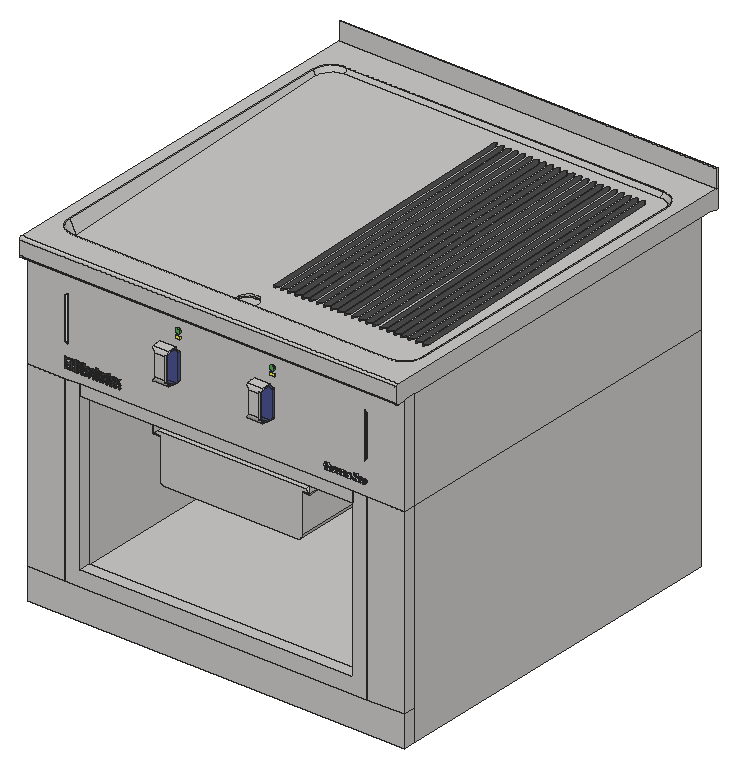
Revit family "QF_ELECTROLUXPROFESSIONAL_588676_MBHFGBHDPO", category Attrezzature speciali, Revit 2020
Family settings
  Quota connettore circolare = Usa diametro
  Tipo di parte = Normale
  Basato su piano di lavoro = No
  Sempre verticale = Sì
  Taglio con vuoti quando caricato = No
  Condiviso = No
  Punto di calcolo locali = No
Parameters (values of type "Standard")
  Weight = 145.00 kg
  Watts = 0 W
  Volts = 0 V
  URL Manufacturer = "https://www.electroluxprofessional.com/"
  URL = "https://www.electroluxprofessional.com/"
  Steam Supply Size = 0"
  Steam Supply Minimum Pressure = 0.00 psi
  Steam Supply Maximum Pressure = 0.00 psi
  Steam Consumption per Hour = 0
  Refrigeration Suction Line Size = 0 mm
  Refrigeration Liquid Line Size = 0 mm
  Refrigerant Compressor Remote = yes
  Prospetto di default = 0 mm
  Phase = 0
  Modello = "MBHFGBHDPO"
  Produttore = "Electrolux Professional"
  Length Actual = 800 mm  # constant formula
  Item Number = "588676"
  Hot Water Size = 0"
  Height Actual = 700 mm  # constant formula
  HP = "0 HP"
  Gas Size = 1/2"
  Gas KW = 20
  Gas Input Pressure = 0.672036 Btu/h
  Direct Waste Size = 0"
  Descrizione = "GAS FRYTOP,MIXED,1-S,BSPL,800X850X700H"
  Depth Actual = 850 mm  # constant formula
  Cycle = 0 Hz
  Condensate Return Size = 0"
  Compressed Air Volume = 0 GPM
  Compressed Air Size = 0"
  Compressed Air Pressure = 0.00 psi
  Cold Water Size = 0"
  Accessory = yes
Reference planes
  plane 1 "BACK": y = 0
  plane 2: z = 0
  plane 3 "LEFT": x = 0
  plane 4 "RIGHT": x = 800
  plane 5 "FRONT": y = -850
  plane 6 "TOP": z = 900
  plane 7 "Center (Left/Right)": x = 400
  plane 8 "Center (Front/Back)": y = -425
  plane 9: y = -150
  plane 10: y = -65
  plane 11: y = -790
  plane 12 "EIY": y = -635
  plane 13: z = 938
  plane 14 "BaseTop": z = 650
  plane 15: y = -805
  plane 16 "Camino": y = -50
  plane 17 "EIx": x = 755
  plane 18: z = 1131
  plane 19 "PlaneRibbed": through (-6096, -65, 890) normal (0, -0.0251, 0.9997)
  plane 20 "Base": z = 200
Forms (mm)
  Extrusion 1, solid, material "QF_Finishes_Stainless Steel"
    sketch origin (-178.969, -4572, 100) x (-1, 0, 0) y (0, -1, 0)
      loop
        line (-178.969, -4527) -> (-178.969, -3767) -> (-978.969, -3767) -> (-978.969, -4527) -> (-178.969, -4527)
    from 550 to 762.969
  Extrusion 2, solid, material "QF_Finishes_Stainless Steel"
    sketch origin (400, 296.4, 1219.2) x (0, 1, 0) y (0, 0, 1)
      loop
        line (-296.4, -319.2) -> (-1141.4, -319.2)
        arc (-1141.4, -319.2) -> (-1144.935, -320.664) -> (-1146.4, -324.2) r 5
        line (-1146.4, -324.2) -> (-1146.4, -355.2)
        arc (-1146.4, -355.2) -> (-1144.971, -358.264) -> (-1141.705, -359.139) r 4
        line (-1141.705, -359.139) -> (-1126.4, -356.231) -> (-316.4, -356.231) -> (-301.094, -359.139)
        arc (-301.094, -359.139) -> (-297.829, -358.264) -> (-296.4, -355.2) r 4
        line (-296.4, -355.2) -> (-296.4, -319.2)
    from -400 to 400
  Extrusion 3, void
    sketch origin (0, 0, 900) x (-1, 0, 0) y (0, -1, 0)
      loop
        arc (-65, 65) -> (-36.716, 76.716) -> (-25, 105) r 40
        line (-25, 105) -> (-25, 750)
        arc (-25, 750) -> (-36.716, 778.284) -> (-65, 790) r 40
        line (-65, 790) -> (-735, 790)
        arc (-735, 790) -> (-763.284, 778.284) -> (-775, 750) r 40
        line (-775, 750) -> (-775, 105)
        arc (-775, 105) -> (-763.284, 76.716) -> (-735, 65) r 40
        line (-735, 65) -> (-65, 65)
    from 0 to -30
  Extrusion 4, solid, material "QF_Finishes_Stainless Steel"
    sketch origin (400, 296.4, 1219.2) x (0, 1, 0) y (0, 0, 1)
      loop
        line (-296.4, -319.2) -> (-296.4, -281.2) -> (-298.4, -281.2) -> (-298.4, -319.2) -> (-296.4, -319.2)
    from 400 to -400
  Extrusion 5, solid, material "QF_Finishes_Stainless Steel"
    sketch origin (0, 0, 200) x (-1, 0, 0) y (0, -1, 0)
      loop
        circle (-755, 635) r 10.1
    from 0 to -10
  Sweep 6, solid, material "QF_Finishes_Stainless Steel"
    path origin (0, 0, 900) x (-1, 0, 0) y (0, -1, 0)
      loop
        line (-25, 105) -> (-25, 750)
        arc (-25, 750) -> (-36.716, 778.284) -> (-65, 790) r 40
        line (-65, 790) -> (-735, 790)
        arc (-735, 790) -> (-763.284, 778.284) -> (-775, 750) r 40
        line (-775, 750) -> (-775, 105)
        arc (-775, 105) -> (-763.284, 76.716) -> (-735, 65) r 40
        line (-735, 65) -> (-65, 65)
        arc (-65, 65) -> (-36.716, 76.716) -> (-25, 105) r 40
    profile origin (25, -427.5, 900) x (1, 0, 0) y (0, 0, 1)
      loop
        line (0, 0) -> (0, -30) -> (15, -30) -> (0, 0)
  Extrusion 7, void
    sketch origin (305.009, 0, 900) x (-1, 0, 0) y (0, -1, 0)
      loop
        circle (-94.991, 746) r 22.248
    from -32.282 to 0
  Extrusion 8, solid, material "QF_Finishes_Stainless Steel"
    sketch origin (400, 296.4, 1219.2) x (0, 1, 0) y (0, 0, 1)
      loop
        line (-1086.4, -349.2) -> (-361.4, -349.2) -> (-361.4, -329.2) -> (-1086.4, -347.399) -> (-1086.4, -349.2)
    from -375 to 375
  Extrusion 9, void
    sketch origin (290.252, 20, 900) x (-1, 0, 0) y (0, -1, 0)
      loop
        circle (-109.748, 765.667) r 22.248
    from -32.282 to 0
  Extrusion 10, solid, material "QF_Finishes_Stainless Steel"
    sketch origin (0, -425, 0) x (-1, 0, 0) y (0, 0, 1)
      loop
        line (-264.372, 616.232) -> (-236.622, 616.232)
        arc (-236.622, 616.232) -> (-235.738, 615.866) -> (-235.372, 614.982) r 1.25
        line (-235.372, 614.982) -> (-235.372, 584.482)
        arc (-235.372, 584.482) -> (-235.738, 583.598) -> (-236.622, 583.232) r 1.25
        line (-236.622, 583.232) -> (-249.372, 583.232) -> (-249.372, 582.232) -> (-236.622, 582.232)
        arc (-236.622, 582.232) -> (-235.031, 582.891) -> (-234.372, 584.482) r 2.25
        line (-234.372, 584.482) -> (-234.372, 614.982)
        arc (-234.372, 614.982) -> (-235.031, 616.573) -> (-236.622, 617.232) r 2.25
        line (-236.622, 617.232) -> (-264.372, 617.232) -> (-264.372, 616.232)
      loop
        line (-537.372, 616.232) -> (-537.372, 617.232) -> (-565.122, 617.232)
        arc (-565.122, 617.232) -> (-566.713, 616.573) -> (-567.372, 614.982) r 2.25
        line (-567.372, 614.982) -> (-567.372, 584.482)
        arc (-567.372, 584.482) -> (-566.713, 582.891) -> (-565.122, 582.232) r 2.25
        line (-565.122, 582.232) -> (-552.372, 582.232) -> (-552.372, 583.232) -> (-565.122, 583.232)
        arc (-565.122, 583.232) -> (-566.006, 583.598) -> (-566.372, 584.482) r 1.25
        line (-566.372, 584.482) -> (-566.372, 614.982)
        arc (-566.372, 614.982) -> (-566.006, 615.866) -> (-565.122, 616.232) r 1.25
        line (-565.122, 616.232) -> (-537.372, 616.232)
    from -365 to 360
  Extrusion 11, solid, material "QF_Finishes_Stainless Steel"
    sketch origin (0, -425, 0) x (-1, 0, 0) y (0, 0, 1)
      loop
        line (-249.872, 583.232) -> (-238.372, 583.232) -> (-238.372, 584.232) -> (-244.372, 590.232) -> (-557.372, 590.232) -> (-563.372, 584.232) -> (-563.372, 583.232) -> (-551.872, 583.232) -> (-551.872, 501.232)
        arc (-551.872, 501.232) -> (-548.65, 493.454) -> (-540.872, 490.232) r 11
        line (-540.872, 490.232) -> (-260.872, 490.232)
        arc (-260.872, 490.232) -> (-253.094, 493.454) -> (-249.872, 501.232) r 11
        line (-249.872, 501.232) -> (-249.872, 583.232)
    from -365 to 360
  Extrusion 12, void
    sketch origin (0, -425, 0) x (-1, 0, 0) y (0, 0, 1)
      loop
        line (-254.872, 501.232) -> (-254.872, 590.232) -> (-546.872, 590.232) -> (-546.872, 506.232)
        arc (-546.872, 506.232) -> (-543.65, 498.454) -> (-535.872, 495.232) r 11
        line (-535.872, 495.232) -> (-260.872, 495.232)
        arc (-260.872, 495.232) -> (-256.629, 496.99) -> (-254.872, 501.232) r 6
    from -350 to 355
  Extrusion 13, solid, material "QF_Finishes_Stainless Steel"
    sketch origin (0, -425, 0) x (-1, 0, 0) y (0, 0, 1)
      loop
        line (-690, 617.232) -> (-109.949, 617.232) -> (-109.949, 627) -> (-690, 627) -> (-690, 617.232)
    from -365 to -351.075
Cuts and joins
  Extrusion 3, Extrusion 7, Extrusion 9 cuts Extrusion 2
  Extrusion 9 cuts Sweep 6
  Extrusion 9 cuts Extrusion 8
  joined: Sweep 6, Extrusion 8
  Extrusion 12 cuts Extrusion 11
Lines and regions (mm)
  symbolic lines
    curve 1: line (0, 0, 100) -> (800, 0, 100)
    curve 2: line (0, -850, 100) -> (0, 0, 100)
    curve 3: line (800, -850, 100) -> (0, -850, 100)
    curve 4: line (800, 0, 100) -> (800, -850, 100)
    curve 5: line (0, -2, 0) -> (800, -2, 0)
    curve 6: line (734.029, -65, 0) -> (65.29, -65, 0)
    curve 7: line (65.29, -790, 0) -> (734.029, -790, 0)
    curve 8: line (65, -80, 900) -> (735, -80, 900)
    curve 9: line (735, -775, 900) -> (65, -775, 900)
    curve 10: arc (760, -750, 900) -> (752.678, -767.678, 900) -> (735, -775, 900) r 25
    curve 11: line (760, -105, 900) -> (760, -750, 900)
    curve 12: arc (735, -80, 900) -> (752.678, -87.322, 900) -> (760, -105, 900) r 25
    curve 13: circle (400, -746, 900) r 22.248 normal (0, 0, 1)
    curve 14: arc (90.5, -85.483, 900) -> (62.314, -97.096, 900) -> (50.5, -125.198, 900) r 39.994
    curve 15: line (90.5, -85.482, 900) -> (710.5, -85.482, 900)
    curve 16: line (50.5, -662.082, 900) -> (50.5, -125.198, 900)
    curve 17: arc (50.5, -662.082, 900) -> (62.314, -690.184, 900) -> (90.5, -701.797, 900) r 39.994
    curve 18: line (710.5, -701.798, 900) -> (90.5, -701.798, 900)
    curve 19: line (40.29, -708.526, 900) -> (760, -708.526, 900)
    curve 20: line (40.29, -718.526, 900) -> (760, -718.526, 900)
    curve 21: arc (65, -65, 900) -> (36.716, -76.716, 900) -> (25, -105, 900) r 40
    curve 22: line (25, -105, 900) -> (25, -750, 900)
    curve 23: arc (25, -750, 900) -> (36.716, -778.284, 900) -> (65, -790, 900) r 40
    curve 24: arc (735, -790, 900) -> (763.284, -778.284, 900) -> (775, -750, 900) r 40
    curve 25: line (775, -750, 900) -> (775, -105, 900)
    curve 26: arc (775, -105, 900) -> (763.284, -76.716, 900) -> (735, -65, 900) r 40
    curve 27: arc (709.5, -85.483, 900) -> (737.686, -97.096, 900) -> (749.5, -125.198, 900) r 39.994
    curve 28: line (749.5, -662.082, 900) -> (749.5, -125.198, 900)
    curve 29: arc (749.5, -662.082, 900) -> (737.686, -690.184, 900) -> (709.5, -701.797, 900) r 39.994
    curve 30: arc (65, -775, 900) -> (47.322, -767.678, 900) -> (40, -750, 900) r 25
    curve 31: line (40, -750, 900) -> (40, -105, 900)
    curve 32: arc (40, -105, 900) -> (47.322, -87.322, 900) -> (65, -80, 900) r 25
Dimensions and locks
  plane 3 "LEFT" to plane 4 "RIGHT" = 800 mm
  locked: plane 5 "FRONT" to plane 1 "BACK" at 850
  plane 3 "LEFT" to plane 7 "Center (Left/Right)" to plane 4 "RIGHT" = 400 mm, 400 mm
  equal spacing: plane 5 "FRONT", plane 8 "Center (Front/Back)", plane 1 "BACK"
  plane 6 "TOP" to level = 900 mm  (x2)
  plane 1 "BACK" to plane 9 = 150 mm
  plane 12 "EIY" to plane 1 "BACK" = 635 mm
  plane 13 to plane 6 "TOP" = 38 mm
  plane 10 to plane 1 "BACK" = 65 mm
  plane 5 "FRONT" to plane 11 = 60 mm
  locked: plane 6 "TOP" to plane 14 "BaseTop" at 250
  locked: plane 15 to plane 5 "FRONT" at 45
  plane 16 "Camino" to plane 1 "BACK" = 50 mm
  plane 17 "EIx" to plane 4 "RIGHT" = 45 mm
  plane 18 to plane 6 "TOP" = 231 mm
  plane 20 "Base" to level = 200 mm
  aligned and locked: level to plane 2
  aligned and locked: cut or joined group of Extrusion 2, Extrusion 3, Extrusion 7, Extrusion 9 to plane 3 "LEFT"
  aligned and locked: cut or joined group of Extrusion 2, Extrusion 3, Extrusion 7, Extrusion 9 to plane 4 "RIGHT"
  aligned and locked: nested 1 to plane 15
  aligned and locked: Extrusion 1 to plane 15
  aligned and locked: Extrusion 4 to plane 3 "LEFT"
  aligned and locked: Extrusion 4 to plane 4 "RIGHT"
  aligned and locked: plane 3 "LEFT" to nested 1
  aligned and locked: Extrusion 1 to nested 24
Automatic sketch dimensions
  curve 5 to plane 3 "LEFT" = 0 mm
  plane 10 to curve 6 = 0 mm
  plane 11 to curve 7 = 0 mm
  curve 5 to plane 4 "RIGHT" = 0 mm
  plane 3 "LEFT" to curve 6 = 65.29 mm
  plane 3 "LEFT" to curve 7 = 65.29 mm
  curve 6 to plane 17 "EIx" = 20.971 mm
  curve 7 to plane 17 "EIx" = 20.971 mm
  plane 1 "BACK" to curve 5 = 2 mm
  Extrusion 1 sketch curve to plane 4 "RIGHT" = 0 mm
  Extrusion 1 sketch curve to plane 3 "LEFT" = 0 mm
  Extrusion 1 sketch curve to plane 15 = 0 mm
  Extrusion 1 sketch curve to plane 16 "Camino" = 5 mm
  plane 1 "BACK" to curve 1 = 0 mm
  curve 1 to plane 4 "RIGHT" = 0 mm
  curve 3 to plane 3 "LEFT" = 0 mm
  plane 5 "FRONT" to curve 3 = 0 mm
  Extrusion 2 sketch curve to plane 5 "FRONT" = 0 mm
  Extrusion 2 sketch curve to plane 6 "TOP" = 0 mm
  Extrusion 2 sketch curve to plane 1 "BACK" = 0 mm
  Extrusion 2 sketch curve to Extrusion 2 sketch curve = 4 mm
  Extrusion 2 sketch curve to Extrusion 2 sketch curve = 0.695 mm
  Extrusion 2 sketch curve to plane 5 "FRONT" = 5 mm
  Extrusion 2 sketch curve to Extrusion 2 sketch curve = 15.305 mm
  plane 1 "BACK" to Extrusion 2 sketch curve = 20 mm
  plane 1 "BACK" to Extrusion 2 sketch curve = 4.695 mm
  plane 1 "BACK" to Extrusion 2 sketch curve = 4 mm
  Extrusion 2 sketch curve to Extrusion 2 sketch curve = 31 mm
  Extrusion 2 sketch curve to Extrusion 2 sketch curve = 36 mm
  Extrusion 2 sketch curve to Extrusion 2 sketch curve = 2.909 mm
  plane 11 to Extrusion 3 sketch curve = 0 mm
  plane 10 to Extrusion 3 sketch curve = 0 mm
  plane 17 "EIx" to Extrusion 3 sketch curve = 20 mm
  Extrusion 3 sketch curve to plane 17 "EIx" = 20 mm  (x2)
  plane 3 "LEFT" to Extrusion 3 sketch curve = 65 mm  (x2)
  plane 10 to Extrusion 3 sketch curve = 40 mm
  curve 10 to curve 24 = 0 mm  (x2)
  curve 12 to curve 26 = 0 mm  (x2)
  curve 21 to curve 32 = 0 mm  (x2)
  curve 23 to curve 30 = 0 mm  (x2)
  plane 10 to curve 26 = 0 mm
  plane 11 to curve 24 = 0 mm
  curve 13 to plane 7 "Center (Left/Right)" = 0 mm
  plane 10 to curve 21 = 0 mm
  curve 29 to plane 17 "EIx" = 45.493 mm
  curve 27 to plane 17 "EIx" = 45.493 mm
  curve 12 to plane 17 "EIx" = 20 mm
  curve 24 to plane 17 "EIx" = 20 mm
  curve 28 to plane 17 "EIx" = 5.5 mm
  plane 17 "EIx" to curve 11 = 5 mm
  curve 25 to curve 11 = 15 mm
  curve 17 to plane 12 "EIY" = 26.803 mm
  plane 3 "LEFT" to curve 17 = 90.493 mm
  plane 9 to curve 14 = 24.523 mm
  plane 3 "LEFT" to curve 14 = 90.493 mm
  curve 14 to curve 21 = 25.493 mm
  curve 23 to plane 11 = 40 mm
  plane 3 "LEFT" to curve 23 = 65 mm
  curve 17 to curve 16 = 39.993 mm
  curve 31 to curve 16 = 20.198 mm
  curve 11 to curve 28 = 20.198 mm
  plane 9 to curve 27 = 24.523 mm
  curve 29 to plane 12 "EIY" = 26.803 mm
  curve 16 to plane 12 "EIY" = 27.082 mm
  curve 28 to plane 12 "EIY" = 27.082 mm
  curve 13 to plane 11 = 44 mm
  plane 10 to curve 27 = 20.483 mm
  curve 29 to curve 29 = 0.007 mm
  curve 18 to curve 29 = 1 mm
  curve 15 to curve 27 = 1 mm
  curve 18 to curve 17 = 0.007 mm
  curve 15 to curve 8 = 25.5 mm
  curve 15 to curve 14 = 0 mm
  curve 18 to curve 17 = 0 mm
  curve 20 to curve 30 = 0.29 mm
  curve 19 to curve 20 = 0 mm
  curve 15 to curve 14 = 0.001 mm
  curve 29 to curve 18 = 0.001 mm
  curve 19 to curve 30 = 41.474 mm
  curve 19 to curve 20 = 10 mm
  Extrusion 4 sketch curve to plane 6 "TOP" = 0 mm
  Extrusion 4 sketch curve to plane 13 = 0 mm
  Extrusion 4 sketch curve to plane 1 "BACK" = 0 mm
  Extrusion 4 sketch curve to Extrusion 4 sketch curve = 2 mm
  plane 10 to Sweep 6 sketch curve = 0 mm
  plane 11 to Sweep 6 sketch curve = 0 mm
  plane 17 "EIx" to Sweep 6 sketch curve = 20 mm
  Sweep 6 sketch curve to plane 17 "EIx" = 20 mm  (x2)
  plane 3 "LEFT" to Sweep 6 sketch curve = 65 mm  (x2)
  plane 3 "LEFT" to Sweep 6 sketch curve = 25 mm
  profile plane to Sweep 6 sketch curve = 0 mm
  Sweep 6 sketch curve to plane 6 "TOP" = 0 mm
  Sweep 6 sketch curve to profile plane = 15 mm
  Sweep 6 sketch curve to plane 6 "TOP" = 30 mm
  Extrusion 7 sketch curve to plane 7 "Center (Left/Right)" = 0 mm
  Extrusion 7 sketch curve to plane 11 = 44 mm
  Extrusion 7 sketch curve to plane 7 "Center (Left/Right)" = 12.288 mm
  Extrusion 7 sketch curve to Extrusion 7 sketch curve = 0 mm
  Extrusion 7 sketch curve to Extrusion 7 sketch curve = 18.547 mm
  plane 7 "Center (Left/Right)" to Extrusion 9 sketch curve = 0 mm
  Extrusion 9 sketch curve to plane 11 = 44.333 mm
  Extrusion 9 sketch curve to plane 7 "Center (Left/Right)" = 12.288 mm
  Extrusion 9 sketch curve to Extrusion 9 sketch curve = 0 mm
  Extrusion 9 sketch curve to Extrusion 9 sketch curve = 18.547 mm
  Extrusion 8 sketch curve to plane 11 = 0 mm
  Extrusion 8 sketch curve to plane 10 = 0 mm
  Extrusion 8 sketch curve to plane 6 "TOP" = 30 mm
  Extrusion 8 sketch curve to plane 6 "TOP" = 10 mm
  Extrusion 8 sketch curve to Extrusion 8 sketch curve = 1.801 mm
  plane 12 "EIY" to Extrusion 5 sketch curve = 0 mm
  Extrusion 5 sketch curve to plane 17 "EIx" = 0 mm
  Extrusion 10 sketch curve to Extrusion 10 sketch curve = 0 mm  (x8)
  Extrusion 10 sketch curve to plane 14 "BaseTop" = 35.018 mm
  plane 7 "Center (Left/Right)" to Extrusion 10 sketch curve = 167.372 mm
  Extrusion 10 sketch curve to Extrusion 10 sketch curve = 1 mm  (x2)
  Extrusion 10 sketch curve to Extrusion 10 sketch curve = 1.25 mm  (x3)
  Extrusion 10 sketch curve to Extrusion 10 sketch curve = 12.75 mm  (x2)
  Extrusion 10 sketch curve to Extrusion 10 sketch curve = 27.75 mm  (x2)
  Extrusion 10 sketch curve to plane 14 "BaseTop" = 33.768 mm
  Extrusion 10 sketch curve to plane 7 "Center (Left/Right)" = 135.628 mm
  Extrusion 10 sketch curve to Extrusion 10 sketch curve = 15 mm
  Extrusion 10 sketch curve to Extrusion 10 sketch curve = 30.5 mm  (x2)
  Extrusion 11 sketch curve to plane 14 "BaseTop" = 66.768 mm
  plane 7 "Center (Left/Right)" to Extrusion 11 sketch curve = 163.372 mm
  Extrusion 11 sketch curve to Extrusion 11 sketch curve = 11.5 mm
  Extrusion 11 sketch curve to Extrusion 11 sketch curve = 11 mm  (x2)
  Extrusion 11 sketch curve to plane 7 "Center (Left/Right)" = 139.128 mm
  Extrusion 11 sketch curve to Extrusion 11 sketch curve = 5.5 mm
  Extrusion 11 sketch curve to Extrusion 11 sketch curve = 6 mm  (x3)
  Extrusion 11 sketch curve to Extrusion 11 sketch curve = 82 mm
  Extrusion 11 sketch curve to Extrusion 11 sketch curve = 1 mm  (x2)
  Extrusion 11 sketch curve to plane 14 "BaseTop" = 59.768 mm
  plane 7 "Center (Left/Right)" to Extrusion 12 sketch curve = 146.872 mm
  Extrusion 12 sketch curve to Extrusion 12 sketch curve = 11 mm
  Extrusion 12 sketch curve to plane 7 "Center (Left/Right)" = 139.128 mm
  Extrusion 12 sketch curve to Extrusion 12 sketch curve = 6 mm
  Extrusion 12 sketch curve to plane 14 "BaseTop" = 154.768 mm
  Extrusion 12 sketch curve to plane 14 "BaseTop" = 59.768 mm
  Extrusion 13 sketch curve to plane 14 "BaseTop" = 23 mm
  plane 3 "LEFT" to Extrusion 13 sketch curve = 109.949 mm
  Extrusion 13 sketch curve to plane 17 "EIx" = 65 mm
  Extrusion 13 sketch curve to Extrusion 13 sketch curve = 9.768 mm
  radius of curve 13 = 22.248 mm
  radius of Extrusion 5 sketch curve = 10.1 mm
Nested families
  nested 1: "Front_Panel_W800_2 Knobs_2Spie" at (202.376, -805, 0), type "Front_Panel_W800_2 Knobs_2Spie"
  nested 2: "Rib_D12" at (662.5, -379.667, 882.101) x (-1, 0, 0) z (0, -0.0251, 0.9997), type "Rib_D12"
    with Show Clearance yes, Lenght 588 mm
  nested 3: "Rib_D12" at (647.5, -379.667, 882.101) x (-1, 0, 0) z (0, -0.0251, 0.9997), type "Rib_D12"
    with Show Clearance yes, Lenght 588 mm
  nested 4: "Rib_D12" at (632.5, -379.667, 882.101) x (-1, 0, 0) z (0, -0.0251, 0.9997), type "Rib_D12"
    with Show Clearance yes, Lenght 588 mm
  nested 5: "Rib_D12" at (617.5, -379.667, 882.101) x (-1, 0, 0) z (0, -0.0251, 0.9997), type "Rib_D12"
    with Show Clearance yes, Lenght 588 mm
  nested 6: "Rib_D12" at (602.5, -379.667, 882.101) x (-1, 0, 0) z (0, -0.0251, 0.9997), type "Rib_D12"
    with Show Clearance yes, Lenght 588 mm
  nested 7: "Rib_D12" at (587.5, -379.667, 882.101) x (-1, 0, 0) z (0, -0.0251, 0.9997), type "Rib_D12"
    with Show Clearance yes, Lenght 588 mm
  nested 8: "Rib_D12" at (572.5, -379.667, 882.101) x (-1, 0, 0) z (0, -0.0251, 0.9997), type "Rib_D12"
    with Show Clearance yes, Lenght 588 mm
  nested 9: "Rib_D12" at (557.5, -379.667, 882.101) x (-1, 0, 0) z (0, -0.0251, 0.9997), type "Rib_D12"
    with Show Clearance yes, Lenght 588 mm
  nested 10: "Rib_D12" at (542.5, -379.667, 882.101) x (-1, 0, 0) z (0, -0.0251, 0.9997), type "Rib_D12"
    with Show Clearance yes, Lenght 588 mm
  nested 11: "Rib_D12" at (527.5, -379.667, 882.101) x (-1, 0, 0) z (0, -0.0251, 0.9997), type "Rib_D12"
    with Show Clearance yes, Lenght 588 mm
  nested 12: "Rib_D12" at (512.5, -379.667, 882.101) x (-1, 0, 0) z (0, -0.0251, 0.9997), type "Rib_D12"
    with Show Clearance yes, Lenght 588 mm
  nested 13: "Rib_D12" at (497.5, -379.667, 882.101) x (-1, 0, 0) z (0, -0.0251, 0.9997), type "Rib_D12"
    with Show Clearance yes, Lenght 588 mm
  nested 14: "Rib_D12" at (722.5, -379.667, 882.101) x (-1, 0, 0) z (0, -0.0251, 0.9997), type "Rib_D12"
    with Show Clearance yes, Lenght 588 mm
  nested 15: "Rib_D12" at (707.5, -379.667, 882.101) x (-1, 0, 0) z (0, -0.0251, 0.9997), type "Rib_D12"
    with Show Clearance yes, Lenght 588 mm
  nested 16: "Rib_D12" at (692.5, -379.667, 882.101) x (-1, 0, 0) z (0, -0.0251, 0.9997), type "Rib_D12"
    with Show Clearance yes, Lenght 588 mm
  nested 17: "Rib_D12" at (677.5, -379.667, 882.101) x (-1, 0, 0) z (0, -0.0251, 0.9997), type "Rib_D12"
    with Show Clearance yes, Lenght 588 mm
  nested 18: "Rib_D12" at (482.5, -379.667, 882.101) x (-1, 0, 0) z (0, -0.0251, 0.9997), type "Rib_D12"
    with Show Clearance yes, Lenght 588 mm
  nested 19: "Rib_D12" at (467.5, -379.667, 882.101) x (-1, 0, 0) z (0, -0.0251, 0.9997), type "Rib_D12"
    with Show Clearance yes, Lenght 588 mm
  nested 20: "Rib_D12" at (452.5, -379.667, 882.101) x (-1, 0, 0) z (0, -0.0251, 0.9997), type "Rib_D12"
    with Show Clearance yes, Lenght 588 mm
  nested 21: "Rib_D12" at (437.5, -379.667, 882.101) x (-1, 0, 0) z (0, -0.0251, 0.9997), type "Rib_D12"
    with Show Clearance yes, Lenght 588 mm
  nested 22: "Rib_D12" at (422.5, -379.667, 882.101) x (-1, 0, 0) z (0, -0.0251, 0.9997), type "Rib_D12"
    with Show Clearance yes, Lenght 588 mm
  nested 23: "Rib_D12" at (407.5, -379.667, 882.101) x (-1, 0, 0) z (0, -0.0251, 0.9997), type "Rib_D12"
    with Show Clearance yes, Lenght 588 mm
  nested 24: "QF_ELECTROLUXPROFESSIONAL_588643_MB1NCAHOOO" at (0, 0, 0), type "QF_ELECTROLUXPROFESSIONAL_588643_MB1NCAHOOO"
    with Type Mark "", Specification by User "", Revision Code "", Item Number "", Installed By "", Identify Quantity as Lot yes, Furnished By "", Foodservice Equipment Identifier yes
Connectors
  electrical at (755, -635, 190)
    settings: on Extrusion 5, index 1, voltage 0 V, apparent load 0 VA, apparent load phase1 0 VA, apparent load phase2 0 VA, apparent load phase3 0 VA, power factor 1, load classification "Other", number of poles 1, system type 30, power factor state 1, is connector primary yes, connector utility no, sub classification motor no, connector description "Electrical Connection"
Definition of nested family "Front_Panel_W800_2 Knobs_2Spie"
  Parameters
    Default Elevation = 0 mm
  Reference planes
    plane 1 "Center (Front/Back)": y = 0
    plane 2: z = 0
    plane 3 "Center (Left/Right)": x = 197.624
    plane 4 "Left": x = -202.376
    plane 5 "Right": x = 597.624
    plane 6: y = -45
    plane 7: x = 97.624
    plane 8 "Panel": y = -25
    plane 9: x = 517.624
    plane 10: x = -122.376
    plane 11: x = 297.624
  Forms (mm)
    Extrusion 1, solid
      sketch origin (833.217, 829.203, -1.25) x (0, 1, 0) y (0, 0, 1)
        loop
          line (-854.203, 651.25) -> (-829.203, 651.25) -> (-829.203, 864.25) -> (-854.203, 864.25) -> (-854.203, 651.25)
      from -1035.593 to -235.593
    Extrusion 2, void
      sketch origin (0, -25, -10) x (0, 0, 1) y (-1, 0, 0)
        loop
          line (731.866, 122.376) -> (726.866, 117.376) -> (823.866, 117.376) -> (818.866, 122.376) -> (731.866, 122.376)
        loop
          line (731.866, -517.624) -> (818.866, -517.624) -> (823.866, -512.624) -> (726.866, -512.624) -> (731.866, -517.624)
      from 0 to -2
    Extrusion 3, solid
      sketch origin (160, -25, 1.163) x (0, 0, 1) y (-1, 0, 0)
        loop
          circle (824.337, 42.376) r 5
      from 0 to 1.7
    Extrusion 4, solid
      sketch origin (330.497, -25, 1.163) x (0, 0, 1) y (-1, 0, 0)
        loop
          circle (824.337, 12.376) r 5
      from 0 to 1.7
    Extrusion 5, solid
      sketch origin (0, -25, -10) x (0, 0, 1) y (-1, 0, 0)
        loop
          line (731.866, 122.376) -> (726.866, 117.376) -> (823.866, 117.376) -> (818.866, 122.376) -> (731.866, 122.376)
        loop
          line (726.866, -512.624) -> (731.866, -517.624) -> (818.866, -517.624) -> (823.866, -512.624) -> (726.866, -512.624)
      from -2 to 0
    Extrusion 6, solid
      sketch origin (160, -25, -13.837) x (0, 0, 1) y (-1, 0, 0)
        loop
          line (829.337, 37.376) -> (829.337, 47.376) -> (824.337, 47.376) -> (824.337, 37.376) -> (829.337, 37.376)
      from 0 to 1.7
    Extrusion 7, solid
      sketch origin (360, -25, -13.837) x (0, 0, 1) y (-1, 0, 0)
        loop
          line (829.337, 37.376) -> (829.337, 47.376) -> (824.337, 47.376) -> (824.337, 37.376) -> (829.337, 37.376)
      from 0 to 1.7
  Cuts and joins
    Extrusion 2 cuts Extrusion 1
  Dimensions and locks
    equal spacing: plane 5 "Right", plane 3 "Center (Left/Right)", plane 4 "Left"
    plane 5 "Right" to plane 4 "Left" = 800 mm
    plane 3 "Center (Left/Right)" to plane 7 = 100 mm
    plane 11 to plane 3 "Center (Left/Right)" = 100 mm
    aligned and locked: cut or joined group of Extrusion 1, Extrusion 2 to plane 4 "Left"
    aligned and locked: plane 5 "Right" to cut or joined group of Extrusion 1, Extrusion 2
  Automatic sketch dimensions
    Extrusion 1 sketch curve to plane 8 "Panel" = 0 mm
    Extrusion 1 sketch curve to plane 1 "Center (Front/Back)" = 0 mm
    level to Extrusion 1 sketch curve = 650 mm
    Extrusion 1 sketch curve to Extrusion 1 sketch curve = 213 mm
    Extrusion 2 sketch curve to plane 10 = 0 mm
    Extrusion 2 sketch curve to plane 9 = 0 mm
    Extrusion 2 sketch curve to plane 9 = 5 mm
    level to Extrusion 2 sketch curve = 716.866 mm
    plane 10 to Extrusion 2 sketch curve = 5 mm
    Extrusion 2 sketch curve to Extrusion 2 sketch curve = 0 mm
    Extrusion 2 sketch curve to Extrusion 2 sketch curve = 5 mm  (x4)
    Extrusion 2 sketch curve to Extrusion 2 sketch curve = 87 mm  (x2)
    plane 7 to Extrusion 3 sketch curve = 20 mm
    level to Extrusion 3 sketch curve = 825.5 mm
    plane 11 to Extrusion 4 sketch curve = 20.497 mm
    level to Extrusion 4 sketch curve = 825.5 mm
    Extrusion 5 sketch curve to plane 10 = 0 mm
    Extrusion 5 sketch curve to plane 9 = 0 mm
    Extrusion 5 sketch curve to plane 9 = 5 mm
    level to Extrusion 5 sketch curve = 716.866 mm
    plane 10 to Extrusion 5 sketch curve = 5 mm
    Extrusion 5 sketch curve to Extrusion 5 sketch curve = 0 mm
    Extrusion 5 sketch curve to Extrusion 5 sketch curve = 5 mm  (x4)
    Extrusion 5 sketch curve to Extrusion 5 sketch curve = 87 mm  (x2)
    plane 7 to Extrusion 6 sketch curve = 25 mm
    level to Extrusion 6 sketch curve = 810.5 mm
    Extrusion 6 sketch curve to Extrusion 6 sketch curve = 5 mm
    Extrusion 6 sketch curve to Extrusion 6 sketch curve = 10 mm
    plane 11 to Extrusion 7 sketch curve = 25 mm
    level to Extrusion 7 sketch curve = 810.5 mm
    Extrusion 7 sketch curve to Extrusion 7 sketch curve = 5 mm
    Extrusion 7 sketch curve to Extrusion 7 sketch curve = 10 mm
    radius of Extrusion 3 sketch curve = 5 mm
    radius of Extrusion 4 sketch curve = 5 mm
  Nested families
    nested 1: "Range Control Handle" at (97.851, -28.137, -209.113) x (-1, 0, 0) z (0, 0, 1), type "Range Control Handle"
    nested 2: "Range Control Handle" at (297.398, -28.137, -209.113), type "Range Control Handle"
    nested 3: "ELX_ThermaLine_Small" at (468.838, -25, 679.426) x (1, 0, 0) z (0, -1, 0), type "ELX_ThermaLine_Small"
      with Show Logo yes, Material_Logo none
    nested 4: "ELX_Professional_Logo_Small" at (-62.89, -25, 681.659) x (1, 0, 0) z (0, -1, 0), type "ELX_Professional_Logo_Small"
      with Show Logo yes, Material_Logo none
  Definition of nested family "Range Control Handle"
    Parameters
      Default Elevation = 0 mm
    Reference planes
      plane 1 "Center (Front/Back)": y = 0
      plane 2: z = 0
      plane 3 "Center (Left/Right)": x = 0
      plane 4: z = 971.092
      plane 5: y = -16.9
    Forms (mm)
      Extrusion 1, solid
        sketch origin (-746.28, 380.497, 208.931) x (-1, 0, 0) y (0, 0, 1)
          loop
            line (-770.101, 786.798) -> (-770.101, 731.649)
            arc (-770.101, 731.649) -> (-769.759, 730.563) -> (-768.855, 729.87) r 1.893
            line (-768.855, 729.87) -> (-763.474, 727.911) -> (-729.81, 727.911) -> (-724.428, 729.87)
            arc (-724.428, 729.87) -> (-723.525, 730.563) -> (-723.183, 731.649) r 1.893
            line (-723.183, 731.649) -> (-723.183, 786.798)
            arc (-723.183, 786.798) -> (-723.529, 787.894) -> (-724.44, 788.593) r 1.91
            line (-724.44, 788.593) -> (-729.683, 790.819) -> (-763.601, 790.819) -> (-768.844, 788.593)
            arc (-768.844, 788.593) -> (-769.755, 787.894) -> (-770.101, 786.798) r 1.91
        from -382.35 to -378.852
      Sweep 2, solid
        path origin (-746.788, 380.496, 208.091) x (0, -1, 0) y (0, 0, 1)
          loop
            line (379.775, 793.281) -> (395.661, 791.048)
            arc (395.661, 791.048) -> (397.781, 787.377) -> (398.517, 783.202) r 12.207
            line (398.517, 783.202) -> (398.517, 737.368)
            arc (398.517, 737.368) -> (397.781, 733.193) -> (395.661, 729.522) r 12.207
            line (395.661, 729.522) -> (379.775, 727.289)
        profile origin (-746.788, -7.222, 1000.256) x (0, -0.139173, 0.990268) y (-1, 0, 0)
          loop
            line (0.782, -763.123) -> (0.782, -730.907) -> (-1.322, -730.907) -> (-1.322, -763.123) -> (0.782, -763.123)
      Sweep 3, solid
        path origin (-746.788, 380.715, 207.832) x (0, -1, 0) y (0, 0, 1)
          loop
            line (380.478, 795.442) -> (397.218, 793.09)
            arc (397.218, 793.09) -> (399.929, 788.473) -> (400.871, 783.202) r 15.207
            line (400.871, 783.202) -> (400.871, 737.584)
            arc (400.871, 737.584) -> (399.914, 732.274) -> (397.164, 727.633) r 15.207
            line (397.164, 727.633) -> (380.601, 725.305)
        profile origin (-746.788, -8.132, 1002.099) x (0, -0.139173, 0.990268) y (-1, 0, 0)
          loop
            line (0.782, -763.123) -> (0.782, -730.907) -> (-1.322, -730.907) -> (-1.322, -763.123) -> (0.782, -763.123)
      Extrusion 4, void
        sketch origin (889.253, 220.666, 207.993) x (1, 0, 0) y (0, 0, 1)
          loop
            line (-943.038, 816.854) -> (-943.038, 703.686) -> (-899.466, 734.196) -> (-899.466, 786.344) -> (-943.038, 816.854)
        from 230.636 to 242.25
      Extrusion 5, void
        sketch origin (-888.8, 220.666, 207.993) x (-1, 0, 0) y (0, 0, -1)
          loop
            line (-943.038, -816.854) -> (-899.466, -786.344) -> (-899.466, -734.196) -> (-943.038, -703.686) -> (-943.038, -816.854)
        from 230.636 to 242.25
      Extrusion 6, solid
        sketch origin (0, 0, 0) x (1, 0, 0) y (0, 0, 1)
          loop
            circle (0, 971.092) r 7.736
        from -3.137 to -1.645
    Cuts and joins
      Extrusion 4, Extrusion 5 cuts Sweep 3
      Extrusion 4, Extrusion 5 cuts Sweep 2
      joined: Extrusion 1, Extrusion 6
    Lines and regions (mm)
      symbolic lines
        curve 1: line (16.334, -16.9, 0) -> (16.334, -19.227, 0)
        curve 2: spline (16.334, -19.227, 0) -> (15.87, -19.385, 0) -> (15.404, -19.536, 0) -> (14.936, -19.678, 0) -> (14.466, -19.813, 0) -> (13.995, -19.94, 0) -> (13.523, -20.059, 0) -> (13.049, -20.171, 0) -> (12.575, -20.274, 0) -> (12.099, -20.37, 0) -> (11.622, -20.458, 0) -> (11.144, -20.537, 0) -> (10.666, -20.609, 0)
        curve 3: line (10.666, -16.9, 0) -> (10.666, -20.938, 0)
        curve 4: line (-10.213, -20.938, 0) -> (10.666, -20.938, 0)
        curve 5: line (-10.213, -20.938, 0) -> (-10.213, -16.9, 0)
        curve 6: spline (-10.213, -20.609, 0) -> (-10.691, -20.537, 0) -> (-11.169, -20.458, 0) -> (-11.646, -20.37, 0) -> (-12.122, -20.274, 0) -> (-12.597, -20.171, 0) -> (-13.07, -20.059, 0) -> (-13.542, -19.94, 0) -> (-14.013, -19.813, 0) -> (-14.483, -19.678, 0) -> (-14.951, -19.536, 0) -> (-15.417, -19.385, 0) -> (-15.881, -19.227, 0)
        curve 7: line (-15.881, -19.227, 0) -> (-15.881, -16.9, 0)
  Definition of nested family "ELX_ThermaLine_Small"
    Parameters
      Show Logo [instance] = yes
      Material_Logo [instance] = none
      Default Elevation = 0 mm
    Reference planes
      plane 1 "Centro (Fronte/Retro)": y = 0
      plane 2: z = 0
      plane 3 "Centro (Sinistra/Destra)": x = 0
    Forms (mm)
      Extrusion 1, solid
        sketch origin (0, 0, 0) x (1, 0, 0) y (0, 1, 0)
          loop
            line (-1219.2, 1219.2) -> (-1219.2, -1219.2) -> (1219.2, -1219.2) -> (1219.2, 1219.2) -> (-1219.2, 1219.2)
        from 0 to -304.8
      Extrusion 2, solid
        sketch origin (0, 0, 0) x (1, 0, 0) y (0, 1, 0)
          loop
            line (-37.494, 1.229) -> (-35.908, 1.229) -> (-35.908, 3.066) -> (-37.494, 3.066) -> (-37.494, 6.221) -> (-39.867, 4.881) -> (-39.867, 3.066) -> (-40.969, 3.066) -> (-40.969, 1.229) -> (-39.867, 1.229) -> (-39.867, -3.407)
            arc (-39.867, -3.407) -> (-38.982, -5.513) -> (-36.751, -6.001) r 2.478
            line (-36.751, -6.001) -> (-35.638, -5.7) -> (-35.9, -3.835) -> (-36.661, -4.039)
            arc (-36.661, -4.039) -> (-37.236, -3.924) -> (-37.494, -3.399) r 0.662
            line (-37.494, -3.399) -> (-37.494, 1.229)
          loop
            line (-34.242, 6.539) -> (-34.242, -5.848) -> (-31.854, -5.848) -> (-31.854, -0.078)
            arc (-31.854, -0.078) -> (-30.939, 1.249) -> (-29.33, 1.367) r 1.866
            arc (-29.33, 1.367) -> (-28.695, 0.768) -> (-28.461, -0.073) r 1.627
            line (-28.461, -0.073) -> (-28.461, -5.848) -> (-26.086, -5.848) -> (-26.064, -0.46)
            arc (-26.064, -0.46) -> (-26.261, 0.932) -> (-26.786, 2.237) r 5.825
            arc (-26.786, 2.237) -> (-29.381, 3.264) -> (-31.854, 1.971) r 3.353
            line (-31.854, 1.971) -> (-31.854, 6.539) -> (-34.242, 6.539)
          loop
            arc (-18.398, -0.598) -> (-18.893, 0.879) -> (-20.326, 1.487) r 1.897
            arc (-20.326, 1.487) -> (-21.461, 0.708) -> (-21.897, -0.598) r 2.164
            line (-21.897, -0.598) -> (-18.398, -0.598)
          loop
            arc (-16.021, -2.044) -> (-16.754, 1.227) -> (-19.444, 3.226) r 4.814
            arc (-19.444, 3.226) -> (-22.137, 2.788) -> (-23.943, 0.743) r 4.054
            arc (-23.943, 0.743) -> (-24.382, -1.249) -> (-24.162, -3.276) r 6.289
            arc (-24.162, -3.276) -> (-23.302, -4.71) -> (-21.958, -5.705) r 4.28
            arc (-21.958, -5.705) -> (-18.558, -5.814) -> (-16.152, -3.409) r 4.28
            line (-16.152, -3.409) -> (-18.5, -2.995)
            arc (-18.5, -2.995) -> (-19.273, -3.994) -> (-20.533, -4.076) r 1.536
            arc (-20.533, -4.076) -> (-21.56, -3.281) -> (-21.958, -2.044) r 2.197
            line (-21.958, -2.044) -> (-16.021, -2.044)
          loop
            line (-14.165, -5.848) -> (-11.819, -5.848) -> (-11.819, -2.138)
            arc (-11.819, -2.138) -> (-11.787, -1.156) -> (-11.637, -0.185) r 8.18
            arc (-11.637, -0.185) -> (-10.644, 0.972) -> (-9.132, 0.776) r 1.603
            line (-9.132, 0.776) -> (-8.419, 2.846)
            arc (-8.419, 2.846) -> (-10.432, 3.118) -> (-11.994, 1.821) r 2.527
            line (-11.994, 1.821) -> (-11.994, 3.094) -> (-14.165, 3.094) -> (-14.165, -5.848)
          loop
            line (-7.579, 3.094) -> (-7.579, -5.848) -> (-5.178, -5.848) -> (-5.178, -0.756)
            arc (-5.178, -0.756) -> (-4.727, 0.679) -> (-3.417, 1.419) r 2.05
            arc (-3.417, 1.419) -> (-2.499, 0.908) -> (-2.155, -0.085) r 1.471
            line (-2.155, -0.085) -> (-2.155, -5.848) -> (0.23, -5.848) -> (0.23, -1.001)
            arc (0.23, -1.001) -> (0.47, 0.127) -> (1.148, 1.061) r 2.775
            arc (1.148, 1.061) -> (2.225, 1.329) -> (3.05, 0.587) r 1.182
            arc (3.05, 0.587) -> (3.199, -0.019) -> (3.214, -0.642) r 2.894
            line (3.214, -0.642) -> (3.214, -5.848) -> (5.601, -5.848) -> (5.601, 0.261)
            arc (5.601, 0.261) -> (4.87, 2.263) -> (2.976, 3.241) r 2.932
            arc (2.976, 3.241) -> (1.284, 2.973) -> (-0.047, 1.896) r 3.309
            arc (-0.047, 1.896) -> (-1.116, 2.865) -> (-2.506, 3.258) r 3.16
            arc (-2.506, 3.258) -> (-4.105, 2.942) -> (-5.376, 1.92) r 3.419
            line (-5.376, 1.92) -> (-5.376, 3.094) -> (-7.579, 3.094)
          loop
            line (7.583, 0.738) -> (9.702, 0.364)
            arc (9.702, 0.364) -> (11.441, 1.492) -> (12.855, -0.023) r 1.613
            line (12.855, -0.023) -> (9.782, -0.789)
            arc (9.782, -0.789) -> (8.559, -1.346) -> (7.617, -2.305) r 3.687
            arc (7.617, -2.305) -> (7.499, -3.681) -> (7.901, -5.003) r 3.651
            arc (7.901, -5.003) -> (9.107, -5.766) -> (10.515, -6.006) r 3.635
            arc (10.515, -6.006) -> (11.898, -5.697) -> (13.067, -4.895) r 3.734
            line (13.067, -4.895) -> (13.376, -5.848) -> (15.75, -5.848) -> (15.212, -4.193) -> (15.212, 0.38)
            arc (15.212, 0.38) -> (14.897, 1.849) -> (13.818, 2.895) r 2.585
            arc (13.818, 2.895) -> (11.792, 3.442) -> (9.719, 3.11) r 5.005
            arc (9.719, 3.11) -> (8.369, 2.178) -> (7.583, 0.738) r 3.54
          loop
            line (19.723, -5.848) -> (22.233, -5.848) -> (24.854, 6.484) -> (22.345, 6.484) -> (19.723, -5.848)
          loop
            line (24.583, -5.848) -> (26.953, -5.848) -> (28.848, 3.066) -> (26.478, 3.066) -> (24.583, -5.848)
          loop
            line (27.204, 6.484) -> (26.741, 4.305) -> (29.111, 4.305) -> (29.575, 6.484) -> (27.204, 6.484)
          loop
            line (29.355, -5.848) -> (31.849, -5.848) -> (33.098, 0.028)
            arc (33.098, 0.028) -> (34.169, 1.306) -> (35.832, 1.422) r 2.132
            arc (35.832, 1.422) -> (36.324, 0.752) -> (36.383, -0.078) r 1.5
            line (36.383, -0.078) -> (35.157, -5.848) -> (37.536, -5.848) -> (38.936, 0.738)
            arc (38.936, 0.738) -> (38.775, 2.091) -> (37.825, 3.066) r 2.118
            arc (37.825, 3.066) -> (35.392, 3.175) -> (33.295, 1.937) r 4.271
            line (33.295, 1.937) -> (33.535, 3.066) -> (31.25, 3.066) -> (29.355, -5.848)
          loop
            line (42.792, -0.64) -> (46.589, -0.64)
            arc (46.589, -0.64) -> (46.639, 0.124) -> (46.327, 0.823) r 1.589
            arc (46.327, 0.823) -> (45.117, 1.521) -> (43.762, 1.183) r 1.865
            arc (43.762, 1.183) -> (43.141, 0.344) -> (42.792, -0.64) r 3.538
          loop
            line (42.565, -2.138) -> (48.593, -2.138)
            arc (48.593, -2.138) -> (48.58, 0.597) -> (46.983, 2.818) r 4.494
            arc (46.983, 2.818) -> (44.191, 3.28) -> (41.725, 1.891) r 4.26
            arc (41.725, 1.891) -> (40.503, -0.3) -> (40.284, -2.799) r 6.003
            arc (40.284, -2.799) -> (40.959, -4.468) -> (42.377, -5.576) r 3.482
            arc (42.377, -5.576) -> (44.265, -5.961) -> (46.152, -5.576) r 4.823
            arc (46.152, -5.576) -> (47.432, -4.731) -> (48.328, -3.485) r 4.245
            line (48.328, -3.485) -> (46.168, -3.105)
            arc (46.168, -3.105) -> (45.214, -4.072) -> (43.859, -4.181) r 1.953
            arc (43.859, -4.181) -> (42.821, -3.408) -> (42.565, -2.138) r 1.81
          loop
            line (12.868, -1.553) -> (10.216, -2.214)
            arc (10.216, -2.214) -> (9.747, -3.136) -> (10.216, -4.058) r 1.14
            arc (10.216, -4.058) -> (11.537, -4.249) -> (12.614, -3.46) r 1.763
            arc (12.614, -3.46) -> (12.858, -2.522) -> (12.868, -1.553) r 3.97
        from 0 to 1.6
    Dimensions and locks
      aligned and locked: plane 2 to Extrusion 1
      aligned and locked: level to Extrusion 1
  Definition of nested family "ELX_Professional_Logo_Small"
    Parameters
      Show Logo [instance] = yes
      Material_Logo [instance] = none
      Default Elevation = 0 mm
    Reference planes
      plane 1 "Centro (Fronte/Retro)": y = 0
      plane 2: z = 0
      plane 3 "Centro (Sinistra/Destra)": x = 0
    Forms (mm)
      Extrusion 1, solid
        sketch origin (0, 0, 0) x (1, 0, 0) y (0, 1, 0)
          loop
            line (-1219.2, 1219.2) -> (-1219.2, -1219.2) -> (1219.2, -1219.2) -> (1219.2, 1219.2) -> (-1219.2, 1219.2)
        from 0 to -304.8
      Extrusion 2, solid, material <- "Material_Logo"
        sketch origin (15.5, 0, 0) x (1, 0, 0) y (0, 1, 0)
          loop
            spline (-42.99, -1.24) -> (-43.195, -1.231) -> (-43.415, -1.203) -> (-43.642, -1.152) -> (-43.87, -1.074) -> (-44.095, -0.966) -> (-44.309, -0.825) -> (-44.506, -0.647) -> (-44.681, -0.429) -> (-44.828, -0.167) -> (-44.94, 0.142) -> (-45.011, 0.501) -> (-45.037, 0.915)
            line (-45.037, 0.915) -> (-45.037, 2.748) -> (-38.984, 2.748) -> (-38.984, 5.086) -> (-45.038, 5.086) -> (-45.038, 8.489) -> (-38.599, 8.489) -> (-38.599, 10.82) -> (-47.515, 10.82) -> (-47.515, 1.021)
            spline (-47.515, 1.021) -> (-47.493, 0.418) -> (-47.425, -0.15) -> (-47.311, -0.682) -> (-47.15, -1.175) -> (-46.939, -1.628) -> (-46.678, -2.038) -> (-46.365, -2.404) -> (-46, -2.723) -> (-45.58, -2.995) -> (-45.105, -3.216) -> (-44.573, -3.385) -> (-43.983, -3.499)
            line (-43.983, -3.499) -> (-43.01, -3.569) -> (-38.426, -3.569) -> (-38.426, -1.24) -> (-42.99, -1.24)
          loop
            line (-36.666, 4.021) -> (-36.666, -3.573) -> (-34.188, -3.573) -> (-34.188, 10.824) -> (-36.666, 10.824) -> (-36.666, 4.021)
          loop
            spline (-21.915, 1.897) -> (-21.957, 2.615) -> (-22.082, 3.303) -> (-22.285, 3.955) -> (-22.563, 4.564) -> (-22.913, 5.124) -> (-23.331, 5.629) -> (-23.814, 6.074) -> (-24.359, 6.451) -> (-24.961, 6.755) -> (-25.618, 6.98) -> (-26.326, 7.119) -> (-27.081, 7.167)
            spline (-27.081, 7.167) -> (-27.853, 7.122) -> (-28.586, 6.99) -> (-29.275, 6.774) -> (-29.915, 6.478) -> (-30.5, 6.104) -> (-31.024, 5.657) -> (-31.483, 5.138) -> (-31.871, 4.553) -> (-32.182, 3.904) -> (-32.411, 3.194) -> (-32.552, 2.427) -> (-32.6, 1.606)
            spline (-32.6, 1.606) -> (-32.553, 0.805) -> (-32.416, 0.057) -> (-32.193, -0.637) -> (-31.887, -1.271) -> (-31.504, -1.843) -> (-31.048, -2.35) -> (-30.523, -2.788) -> (-29.934, -3.154) -> (-29.284, -3.444) -> (-28.579, -3.656) -> (-27.822, -3.785) -> (-27.019, -3.829)
            spline (-27.019, -3.829) -> (-26.627, -3.82) -> (-26.239, -3.79) -> (-25.856, -3.739) -> (-25.477, -3.663) -> (-25.103, -3.562) -> (-24.734, -3.432) -> (-24.369, -3.273) -> (-24.01, -3.082) -> (-23.655, -2.858) -> (-23.305, -2.597) -> (-22.96, -2.299) -> (-22.621, -1.962)
            line (-22.621, -1.962) -> (-24.114, -0.509)
            spline (-24.114, -0.509) -> (-24.311, -0.699) -> (-24.509, -0.872) -> (-24.71, -1.03) -> (-24.915, -1.172) -> (-25.126, -1.297) -> (-25.346, -1.407) -> (-25.576, -1.5) -> (-25.817, -1.576) -> (-26.072, -1.636) -> (-26.342, -1.678) -> (-26.629, -1.704) -> (-26.936, -1.713)
            spline (-26.936, -1.713) -> (-27.384, -1.691) -> (-27.805, -1.625) -> (-28.196, -1.518) -> (-28.556, -1.372) -> (-28.882, -1.187) -> (-29.174, -0.966) -> (-29.429, -0.71) -> (-29.645, -0.422) -> (-29.821, -0.102) -> (-29.955, 0.247) -> (-30.045, 0.623) -> (-30.089, 1.026)
            line (-30.089, 1.026) -> (-21.956, 1.026) -> (-21.915, 1.897)
          loop
            spline (-24.446, 2.769) -> (-24.47, 3.075) -> (-24.54, 3.37) -> (-24.654, 3.65) -> (-24.807, 3.913) -> (-24.996, 4.156) -> (-25.219, 4.376) -> (-25.472, 4.57) -> (-25.753, 4.736) -> (-26.057, 4.869) -> (-26.382, 4.968) -> (-26.724, 5.03) -> (-27.081, 5.051)
            spline (-27.081, 5.051) -> (-27.464, 5.03) -> (-27.832, 4.97) -> (-28.183, 4.872) -> (-28.513, 4.74) -> (-28.819, 4.577) -> (-29.099, 4.384) -> (-29.347, 4.165) -> (-29.563, 3.923) -> (-29.742, 3.659) -> (-29.881, 3.377) -> (-29.977, 3.079) -> (-30.027, 2.769)
            line (-30.027, 2.769) -> (-24.446, 2.769)
          loop
            spline (-18.167, 1.669) -> (-18.138, 2.13) -> (-18.055, 2.567) -> (-17.921, 2.978) -> (-17.739, 3.358) -> (-17.512, 3.705) -> (-17.243, 4.016) -> (-16.937, 4.287) -> (-16.596, 4.517) -> (-16.223, 4.7) -> (-15.823, 4.835) -> (-15.398, 4.919) -> (-14.951, 4.947)
            spline (-14.951, 4.947) -> (-14.677, 4.938) -> (-14.414, 4.913) -> (-14.162, 4.871) -> (-13.921, 4.812) -> (-13.69, 4.738) -> (-13.467, 4.649) -> (-13.254, 4.544) -> (-13.048, 4.424) -> (-12.85, 4.291) -> (-12.659, 4.143) -> (-12.474, 3.981) -> (-12.295, 3.806)
            line (-12.295, 3.806) -> (-10.76, 5.403)
            spline (-10.76, 5.403) -> (-11.065, 5.709) -> (-11.38, 5.984) -> (-11.703, 6.228) -> (-12.035, 6.443) -> (-12.375, 6.63) -> (-12.723, 6.788) -> (-13.078, 6.92) -> (-13.44, 7.026) -> (-13.809, 7.107) -> (-14.184, 7.164) -> (-14.564, 7.198) -> (-14.951, 7.209)
            spline (-14.951, 7.209) -> (-15.725, 7.161) -> (-16.467, 7.02) -> (-17.169, 6.792) -> (-17.826, 6.482) -> (-18.43, 6.096) -> (-18.976, 5.637) -> (-19.455, 5.112) -> (-19.862, 4.525) -> (-20.19, 3.882) -> (-20.433, 3.189) -> (-20.584, 2.449) -> (-20.635, 1.669)
            spline (-20.635, 1.669) -> (-20.584, 0.889) -> (-20.433, 0.149) -> (-20.19, -0.545) -> (-19.862, -1.187) -> (-19.455, -1.774) -> (-18.976, -2.299) -> (-18.43, -2.758) -> (-17.826, -3.145) -> (-17.169, -3.454) -> (-16.467, -3.682) -> (-15.725, -3.823) -> (-14.951, -3.871)
            spline (-14.951, -3.871) -> (-14.564, -3.86) -> (-14.184, -3.826) -> (-13.809, -3.77) -> (-13.44, -3.689) -> (-13.078, -3.583) -> (-12.723, -3.451) -> (-12.375, -3.292) -> (-12.035, -3.105) -> (-11.703, -2.89) -> (-11.38, -2.646) -> (-11.065, -2.371) -> (-10.76, -2.066)
            line (-10.76, -2.066) -> (-12.295, -0.468)
            spline (-12.295, -0.468) -> (-12.474, -0.643) -> (-12.659, -0.805) -> (-12.85, -0.953) -> (-13.048, -1.087) -> (-13.254, -1.206) -> (-13.467, -1.311) -> (-13.69, -1.4) -> (-13.921, -1.475) -> (-14.162, -1.533) -> (-14.414, -1.575) -> (-14.677, -1.6) -> (-14.951, -1.609)
            spline (-14.951, -1.609) -> (-15.398, -1.581) -> (-15.823, -1.497) -> (-16.223, -1.362) -> (-16.596, -1.179) -> (-16.937, -0.95) -> (-17.243, -0.678) -> (-17.512, -0.367) -> (-17.739, -0.02) -> (-17.921, 0.36) -> (-18.055, 0.771) -> (-18.138, 1.208) -> (-18.167, 1.669)
          loop
            spline (-4.441, -1.243) -> (-4.659, -1.247) -> (-4.894, -1.23) -> (-5.137, -1.19) -> (-5.384, -1.121) -> (-5.628, -1.021) -> (-5.864, -0.884) -> (-6.084, -0.708) -> (-6.283, -0.488) -> (-6.454, -0.219) -> (-6.592, 0.101) -> (-6.69, 0.478) -> (-6.742, 0.914)
            line (-6.742, 0.914) -> (-6.742, 4.587) -> (-4.487, 4.587) -> (-4.487, 6.838) -> (-6.738, 6.838) -> (-6.738, 10.824) -> (-9.217, 10.824) -> (-9.217, 0.773)
            spline (-9.217, 0.773) -> (-9.164, 0.19) -> (-9.068, -0.358) -> (-8.928, -0.87) -> (-8.742, -1.343) -> (-8.511, -1.777) -> (-8.232, -2.168) -> (-7.904, -2.515) -> (-7.527, -2.816) -> (-7.098, -3.069) -> (-6.618, -3.273) -> (-6.084, -3.426) -> (-5.496, -3.525)
            line (-5.496, -3.525) -> (-4.45, -3.573) -> (-4.441, -1.243)
          loop
            spline (3.898, 6.983) -> (3.469, 7.009) -> (3.056, 7.001) -> (2.661, 6.961) -> (2.283, 6.888) -> (1.925, 6.785) -> (1.588, 6.652) -> (1.272, 6.49) -> (0.979, 6.301) -> (0.71, 6.085) -> (0.465, 5.844) -> (0.247, 5.578) -> (0.056, 5.289)
            line (0.056, 5.289) -> (0.056, 6.838) -> (-2.402, 6.838) -> (-2.402, -3.572) -> (0.056, -3.572) -> (0.056, 1.901)
            spline (0.056, 1.901) -> (0.079, 2.316) -> (0.145, 2.703) -> (0.254, 3.06) -> (0.404, 3.386) -> (0.592, 3.679) -> (0.818, 3.938) -> (1.08, 4.162) -> (1.375, 4.348) -> (1.703, 4.495) -> (2.062, 4.602) -> (2.45, 4.668) -> (2.865, 4.69)
            line (2.865, 4.69) -> (3.898, 4.586) -> (3.898, 6.983)
          loop
            spline (15.638, 1.633) -> (15.586, 2.396) -> (15.435, 3.124) -> (15.192, 3.81) -> (14.863, 4.449) -> (14.455, 5.034) -> (13.975, 5.56) -> (13.43, 6.021) -> (12.826, 6.411) -> (12.17, 6.724) -> (11.469, 6.955) -> (10.729, 7.098) -> (9.958, 7.147)
            spline (9.958, 7.147) -> (9.182, 7.098) -> (8.44, 6.955) -> (7.737, 6.724) -> (7.081, 6.411) -> (6.477, 6.021) -> (5.933, 5.56) -> (5.454, 5.034) -> (5.048, 4.449) -> (4.721, 3.81) -> (4.479, 3.124) -> (4.329, 2.396) -> (4.277, 1.633)
            spline (4.277, 1.633) -> (4.329, 0.869) -> (4.479, 0.141) -> (4.721, -0.544) -> (5.048, -1.183) -> (5.454, -1.768) -> (5.933, -2.294) -> (6.477, -2.755) -> (7.081, -3.145) -> (7.737, -3.459) -> (8.44, -3.69) -> (9.182, -3.833) -> (9.958, -3.882)
            spline (9.958, -3.882) -> (10.729, -3.833) -> (11.469, -3.69) -> (12.17, -3.459) -> (12.826, -3.145) -> (13.43, -2.755) -> (13.975, -2.294) -> (14.455, -1.768) -> (14.863, -1.183) -> (15.192, -0.544) -> (15.435, 0.141) -> (15.586, 0.869) -> (15.638, 1.633)
          loop
            spline (13.18, 1.633) -> (13.151, 2.083) -> (13.067, 2.513) -> (12.932, 2.918) -> (12.748, 3.296) -> (12.52, 3.642) -> (12.251, 3.954) -> (11.943, 4.227) -> (11.601, 4.459) -> (11.228, 4.645) -> (10.828, 4.782) -> (10.403, 4.867) -> (9.958, 4.896)
            spline (9.958, 4.896) -> (9.509, 4.867) -> (9.081, 4.782) -> (8.679, 4.645) -> (8.306, 4.459) -> (7.964, 4.227) -> (7.658, 3.954) -> (7.39, 3.642) -> (7.163, 3.296) -> (6.981, 2.918) -> (6.847, 2.513) -> (6.765, 2.083) -> (6.736, 1.633)
            spline (6.736, 1.633) -> (6.765, 1.182) -> (6.847, 0.753) -> (6.981, 0.347) -> (7.163, -0.031) -> (7.39, -0.377) -> (7.658, -0.689) -> (7.964, -0.962) -> (8.306, -1.193) -> (8.679, -1.38) -> (9.081, -1.517) -> (9.509, -1.602) -> (9.958, -1.631)
            spline (9.958, -1.631) -> (10.403, -1.602) -> (10.828, -1.517) -> (11.228, -1.38) -> (11.601, -1.193) -> (11.943, -0.962) -> (12.251, -0.689) -> (12.52, -0.377) -> (12.748, -0.031) -> (12.932, 0.347) -> (13.067, 0.753) -> (13.151, 1.182) -> (13.18, 1.633)
          loop
            line (17.162, 4.269) -> (17.162, -3.573) -> (19.642, -3.573) -> (19.642, 10.824) -> (17.162, 10.824) -> (17.162, 4.269)
          loop
            line (28.581, 6.838) -> (28.581, 0.786)
            spline (28.581, 0.786) -> (28.561, 0.393) -> (28.503, 0.038) -> (28.409, -0.279) -> (28.281, -0.559) -> (28.122, -0.802) -> (27.933, -1.011) -> (27.717, -1.185) -> (27.476, -1.325) -> (27.213, -1.433) -> (26.929, -1.509) -> (26.626, -1.554) -> (26.308, -1.569)
            spline (26.308, -1.569) -> (25.99, -1.554) -> (25.688, -1.509) -> (25.404, -1.434) -> (25.141, -1.326) -> (24.9, -1.187) -> (24.684, -1.014) -> (24.496, -0.807) -> (24.336, -0.565) -> (24.209, -0.288) -> (24.115, 0.026) -> (24.057, 0.376) -> (24.037, 0.765)
            line (24.037, 0.765) -> (24.037, 6.838) -> (21.537, 6.838) -> (21.537, 0.558)
            spline (21.537, 0.558) -> (21.581, -0.153) -> (21.71, -0.8) -> (21.916, -1.384) -> (22.195, -1.904) -> (22.54, -2.362) -> (22.944, -2.757) -> (23.403, -3.09) -> (23.909, -3.362) -> (24.456, -3.572) -> (25.04, -3.722) -> (25.652, -3.811) -> (26.288, -3.841)
            spline (26.288, -3.841) -> (26.929, -3.811) -> (27.547, -3.72) -> (28.135, -3.568) -> (28.687, -3.355) -> (29.197, -3.079) -> (29.66, -2.741) -> (30.068, -2.341) -> (30.415, -1.877) -> (30.696, -1.349) -> (30.905, -0.757) -> (31.034, -0.101) -> (31.079, 0.621)
            line (31.079, 0.621) -> (31.079, 6.838) -> (28.581, 6.838)
          loop
            line (40.457, -0.243) -> (38.894, 1.942) -> (40.83, 4.579) -> (42.488, 6.837) -> (39.782, 6.837) -> (37.53, 3.719) -> (35.258, 6.837) -> (32.573, 6.837) -> (34.113, 4.731) -> (36.167, 1.922) -> (34.014, -1.076) -> (32.222, -3.573) -> (34.887, -3.573) -> (37.53, 0.104) -> (40.174, -3.573) -> (42.839, -3.573) -> (40.457, -0.243)
          loop
            line (-46.121, -5.837) -> (-48.039, -5.837) -> (-48.039, -10.814) -> (-47.016, -10.814) -> (-47.016, -9.128) -> (-46.121, -9.128)
            arc (-46.121, -9.128) -> (-44.476, -7.482) -> (-46.121, -5.837) r 1.645
          loop
            line (-46.163, -6.778) -> (-47.016, -6.778) -> (-47.016, -8.187) -> (-46.163, -8.187)
            arc (-46.163, -8.187) -> (-45.458, -7.482) -> (-46.163, -6.778) r 0.704
          loop
            line (-38.313, -5.837) -> (-40.265, -5.837) -> (-40.265, -10.814) -> (-39.241, -10.814) -> (-39.241, -9.1) -> (-38.46, -9.182) -> (-37.48, -10.814) -> (-36.318, -10.814) -> (-37.513, -8.848)
            arc (-37.513, -8.848) -> (-36.888, -8.266) -> (-36.671, -7.441) r 1.536
            arc (-36.671, -7.441) -> (-37.165, -6.305) -> (-38.313, -5.837) r 1.643
          loop
            arc (-38.402, -8.166) -> (-37.707, -7.505) -> (-38.334, -6.778) r 0.696
            line (-38.334, -6.778) -> (-39.241, -6.778) -> (-39.241, -8.166) -> (-38.402, -8.166)
          loop
            circle (-29.965, -8.325) r 2.585
          loop
            circle (-29.965, -8.325) r 1.64
          loop
            line (-23.1, -5.837) -> (-23.1, -10.814) -> (-22.076, -10.814) -> (-22.076, -8.768) -> (-20.204, -8.768) -> (-20.204, -7.828) -> (-22.076, -7.828) -> (-22.076, -6.778) -> (-20.024, -6.778) -> (-20.024, -5.837) -> (-23.1, -5.837)
          loop
            line (-15.802, -5.837) -> (-15.802, -9.2)
            arc (-15.802, -9.2) -> (-15.343, -10.34) -> (-14.209, -10.814) r 1.593
            line (-14.209, -10.814) -> (-12.602, -10.814) -> (-12.602, -10.027) -> (-14.004, -10.027)
            arc (-14.004, -10.027) -> (-14.552, -9.8) -> (-14.779, -9.252) r 0.775
            line (-14.779, -9.252) -> (-14.779, -8.424) -> (-12.789, -8.424) -> (-12.789, -7.642) -> (-14.779, -7.642) -> (-14.779, -6.778) -> (-12.651, -6.778) -> (-12.651, -5.837) -> (-15.802, -5.837)
          loop
            line (-5.909, -7.143) -> (-5.173, -6.638)
            arc (-5.173, -6.638) -> (-5.855, -5.974) -> (-6.781, -5.755) r 1.782
            arc (-6.781, -5.755) -> (-7.397, -5.878) -> (-7.944, -6.189) r 1.974
            arc (-7.944, -6.189) -> (-8.202, -6.5) -> (-8.317, -6.888) r 1.013
